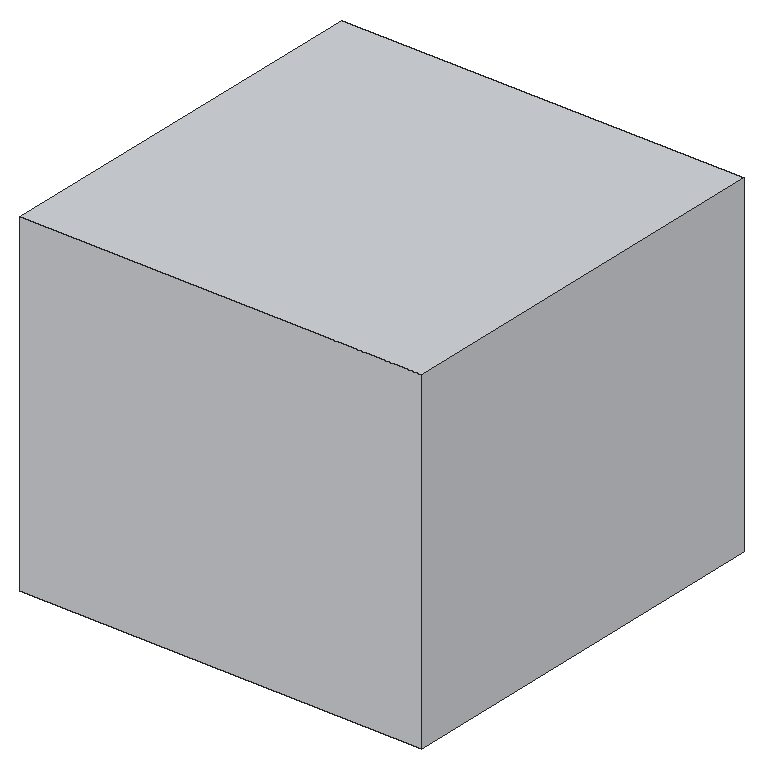
Revit family "2019_defaultFamily", category Generic Models, Revit 2019
Family settings
  Can host rebar = No
  Round Connector Dimension = Use Diameter
  Part Type = Normal
  Work Plane-Based = No
  Always vertical = Yes
  Cut with Voids When Loaded = No
  Shared = No
  Room Calculation Point = No
Reference planes
  plane 1 "Center (Front/Back)": y = 0
  plane 2: z = 0
  plane 3 "Center (Left/Right)": x = 0
Forms (mm)
  Extrusion 1, solid
    sketch origin (0, 0, 0) x (1, 0, 0) y (0, 1, 0)
      loop
        line (0, 0) -> (300, 0) -> (300, 300) -> (0, 300) -> (0, 0)
    from 0 to 250
Dimensions and locks
  aligned and locked: level to plane 2
